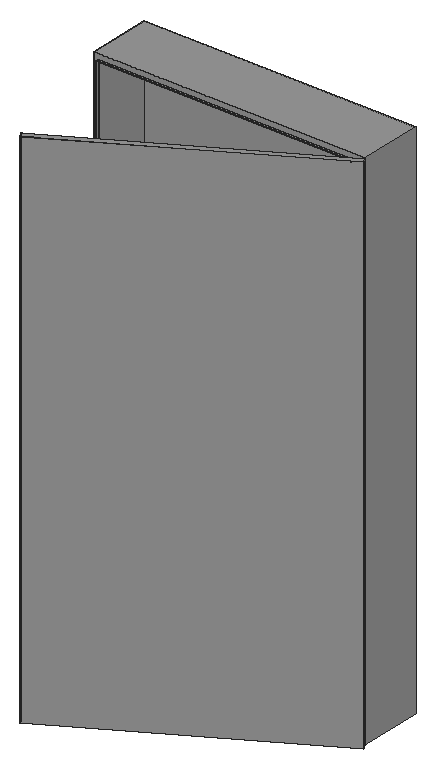
Revit family "Hager-Univers-IP44-D205-H1550-Cl.II-Encl-NoHosted-CH-fr", category Electrical Equipment, Revit 2020
Family settings
  Panel Configuration = Two Columns, Circuits Across
  Round Connector Dimension = Use Diameter
  Part Type = Panelboard
  Work Plane-Based = Yes
  Always vertical = Yes
  Cut with Voids When Loaded = No
  Shared = No
  Room Calculation Point = No
Parameters (values of type "saillie IP44 L800 H1550 P205  - FP03SN2")
  Width Control [instance] = if([EF000008 - largeur] > Min Width, [EF000008 - largeur], Min Width)  # 800 mm
  Type Comments = [HG000003 - Gamme]  # "Univers"
  Thickness Door [instance] = if([EF009171 - épaisseur de matériau de la porte/du couvercle] > 3 mm, 3 mm, [EF009171 - épaisseur de matériau de la porte/du couvercle])  # 1 mm
  Seal Frame Offset [instance] = 17 mm  # constant formula
  Plinth Visibility [instance] = [HG000027 - Hauteur du socle] > 0 mm  # no
  Min Width [instance] = 100 mm  # constant formula
  Min Depth [instance] = (2 * [EF009170 - épaisseur de matériau du boîtier]) + 1 mm  # 3 mm
  Min Height [instance] = 100 mm  # constant formula
  Internal Frame Depth [instance] = (Door System Depth * 0.5)  # 9 mm
  Panel Name [instance] = ""  # (empty or 0)
  Model = ""
  HG000027 - Hauteur du socle = 0 mm
  HG000026 - Installation au sol = no
  HG000024 - Hauteur de la section basse = 600 mm
  HG000023 - Armoire double section = no
  HG000016 - Visibilité de la porte 3D [instance] = yes
  HG000015 - Visibilité de l'emprise de la porte [instance] = no
  HG000014 - Porte à droite [instance] = yes
  HG000013 - Porte à gauche [instance] = not([HG000014 - Porte à droite])  # no
  HG000012 - Angle de pivotement de la porte [instance] = 30.00°
  HG000010 - Portes asymétriques = no
  HG000009 - Porte à double battant = no
  HG000006 - Encastré = no
  HG000004 - Référence fabricant = "FP03SN2"
  HG000003 - Gamme = "Univers"
  HG000002 - avec porte = yes
  Frame Offset Bottom [instance] = 10 mm  # constant formula
  Frame Offset [instance] = 15 mm  # constant formula
  EF015940 - couvercle avec décharge de pression = no
  EF011959 - degré de protection (NEMA) = ""
  EF009554 - nombre d'ouvertures pour plaques à bride = 6
  EF009212 - finition du couvercle = "EV000116 - fermé"
  EF009171 - épaisseur de matériau de la porte/du couvercle = 1 mm
  EF009170 - épaisseur de matériau du boîtier = 1 mm
  EF008873 - courant nominal (In) = 250 A
  EF007800 - adapté à un parafoudre = no
  EF006306 - avec serrure = no
  EF006244 - couvercle/porte transparent(e) = no
  EF005474 - indice de protection (IP) = "EV006418 - IP44"
  EF004464 - type de porte = "EV002646 - unique"
  EF004427 - nombre de modules = 360
  EF004293 - indice de protection contre les chocs (IK) = "EV006815 - IK09"
  EF003532 - convient pour utilisation à l’extérieur = no
  EF002950 - largeur en nombre de modules = 36
  EF001613 - maintien de fonction = "EV000494 - sans"
  EF001596 - matériau du boîtier/corps = "EV000179 - acier"
  EF001131 - profondeur intérieure = 143 mm
  EF001088 - possibilité de montage en saillie = yes
  EF000437 - nombre d'entrées de conduit = 6
  EF000339 - type de capot = "EV001012 - couvercle"
  EF000266 - nombre de rangées = 10
  EF000218 - profondeur d'encastrement = 205 mm
  EF000118 - avec cadre/support de montage = no
  EF000116 - numéro RAL = "9010"
  EF000049 - profondeur = 205 mm
  EF000040 - hauteur = 1550 mm
  EF000008 - largeur = 800 mm
  EF000007 - couleur = "EV000202 - blanc"
  EF000003 - mode de pose = "EV000384 - saillie"
  Door System Leaf Tolerance [instance] = 1.5 mm  # constant formula
  Door System Depth [instance] = 18 mm  # constant formula
  Door Height [instance] = Height Control - [HG000027 - Hauteur du socle]  # 1550 mm
  Description = ""
  Default Elevation = 1219.2 mm
  Connector Offset [instance] = Height Control / 2  # 775 mm
  Manufacturer = "Hager"  # constant formula
  Height Control [instance] = if([EF000040 - hauteur] > Min Height, [EF000040 - hauteur], Min Height)  # 1550 mm
  Depth Control [instance] = if([EF000049 - profondeur] > Min Depth, [EF000049 - profondeur], Min Depth)  # 205 mm
  Bottom Top Plate Trim [instance] = 1.5 mm  # constant formula
  Plinth height Ctrl [instance] = if([HG000027 - Hauteur du socle] > 0 mm, [HG000027 - Hauteur du socle], 12 mm)  # 12 mm
Types (5, lengths in mm): name | Width Control | HG000009 - Porte à double battant | HG000004 - Référence fabricant | EF009554 - nombre d'ouvertures pour plaques à bride | EF008873 - courant nominal (In) | EF004464 - type de porte | EF004427 - nombre de modules | EF002950 - largeur en nombre de modules | EF001131 - profondeur intérieure | EF000437 - nombre d'entrées de conduit | EF000008 - largeur
  saillie IP44 L1050 H1550 P205  - FP04SN2 | 1050 | yes | "FP04SN2" | 8 | 400 A | "EV003602 - double" | 480 | 48 | 143 | 8 | 1050
  saillie IP44 L1300 H1550 P205  - FP05SN2 | 1300 | yes | "FP05SN2" | 10 | 400 A | "EV003602 - double" | 600 | 60 | 143 | 10 | 1300
  saillie IP44 L300 H1550 P205  - FP01SN2 | 300 | no | "FP01SN2" | 2 | 250 A | "EV002646 - unique" | 120 | 12 | 130 | 2 | 300
  saillie IP44 L550 H1550 P205  - FP02SN2 | 550 | no | "FP02SN2" | 4 | 250 A | "EV002646 - unique" | 240 | 24 | 143 | 4 | 550
  saillie IP44 L800 H1550 P205  - FP03SN2 | 800 | no | "FP03SN2" | 6 | 250 A | "EV002646 - unique" | 360 | 36 | 143 | 6 | 800
Reference planes
  plane 1 "Center (Front/Back)": y = 0
  plane 2: z = 0
  plane 3 "Center (Left/Right)": x = 0
  plane 4: y = 0
  plane 5: y = 0
  plane 6: z = 0
  plane 7: x = -400
  plane 8: x = 400
  plane 9: x = 399
  plane 10: x = -399
  plane 11: z = 0
  plane 12: z = 1
  plane 13: y = -205
  plane 14: y = -1
  plane 15: x = 0
  plane 16: y = -187
  plane 17: y = -204
  plane 18: y = -186
  plane 19: x = -384
  plane 20: x = 384
  plane 21: z = 11
  plane 22: x = -383
  plane 23: x = 383
  plane 24: z = 0
  plane 25: z = 1550
  plane 26: z = 1550
  plane 27: z = 1534
  plane 28: z = 1549
Forms (mm)
  Extrusion 1, solid, material "Hager_Steel_RAL7035_Light_Grey", detail levels medium+fine
    sketch origin (-208.679, -4572, 0) x (-1, 0, 0) y (0, -1, 0)
      loop
        line (191.321, -4385) -> (-608.679, -4385) -> (-608.679, -4572) -> (191.321, -4572) -> (191.321, -4385)
    from 0 to 1550
  Extrusion 2, void
    sketch origin (-350.771, -205, 1219.2) x (1, 0, 0) y (0, 0, 1)
      loop
        line (-48.229, 329.8) -> (-48.229, -1218.2) -> (749.771, -1218.2) -> (749.771, 329.8) -> (-48.229, 329.8)
    from -19 to -204
  Extrusion 3, void
    sketch origin (-290.084, -187, 1219.2) x (1, 0, 0) y (0, 0, 1)
      loop
        line (-93.916, -1208.2) -> (674.084, -1208.2) -> (674.084, 314.8) -> (-93.916, 314.8) -> (-93.916, -1208.2)
    from 0 to -1
  Extrusion 4, solid, material "Hager_Steel_RAL7035_Light_Grey", visible <- "Plinth Visibility", detail levels medium+fine
    sketch origin (0, 0, 0) x (1, 0, 0) y (0, 1, 0)
      loop
        line (-400, 0) -> (-400, -187) -> (400, -187) -> (400, 0) -> (-400, 0)
    from 0 to 12 <- "Plinth height Ctrl"
  Extrusion 5, solid, material "Hager_Steel_RAL7035_Light_Grey", detail levels coarse
    sketch origin (0, 0, 0) x (1, 0, 0) y (0, 1, 0)
      loop
        line (-400, 0) -> (-400, -205) -> (400, -205) -> (400, 0) -> (-400, 0)
    from 0 to 1550 <- "Height Control"
  Sweep 6, void
    path in 3D
      loop
        line (-400, -187, 12) -> (400, -187, 12) -> (400, 0, 12) -> (-400, 0, 12) -> (-400, -187, 12)
    profile origin (-400, -93.5, 12) x (1, 0, 0) y (0, 0, 1)
      loop
        line (0, 0) -> (0, -1.5) -> (1.5, -1.5)
        arc (1.5, -1.5) -> (1.061, -0.439) -> (0, 0) r 1.5
  Extrusion 7, solid, material "Hager_Steel_RAL7035_Light_Grey", detail levels fine
    sketch origin (-400, -187, 0) x (1, 0, 0) y (0, 0, 1)
      loop
        line (16, 11) -> (784, 11) -> (784, 1534) -> (16, 1534) -> (16, 11)
      loop
        line (15, 10) -> (785, 10) -> (785, 1535) -> (15, 1535) -> (15, 10)
    from 0 to 9 <- "Internal Frame Depth"
Cuts and joins
  Extrusion 2, Extrusion 3 cuts Extrusion 1
  Sweep 6 cuts Extrusion 4
Lines and regions (mm)
  Masking region 1
    outline origin (0, 0, 0) x (1, 0, 0) y (0, 1, 0)
      loop
        line (-400, 0) -> (-400, -205) -> (400, -205) -> (400, 0) -> (-400, 0)
  Masking region 2, detail levels coarse
    outline origin (-290.084, -187, 1219.2) x (-1, 0, 0) y (0, 0, 1)
      loop
        line (-690.084, -1219.2) -> (109.916, -1219.2) -> (109.916, 330.8) -> (-690.084, 330.8) -> (-690.084, -1219.2)
  Masking region 3, detail levels coarse
    outline origin (0, 0, 0) x (0, 1, 0) y (0, 0, 1)
      loop
        line (0, 0) -> (0, 1550) -> (-205, 1550) -> (-205, 0) -> (0, 0)
  Masking region 4, visible <- "Plinth Visibility", detail levels medium+fine
    outline origin (0, 0, 0) x (0, 1, 0) y (0, 0, 1)
      loop
        line (-1.5, 12) -> (-185.5, 12)
        arc (-185.5, 12) -> (-185.939, 10.939) -> (-187, 10.5) r 1.5
        line (-187, 10.5) -> (-187, 0) -> (0, 0) -> (0, 10.5)
        arc (0, 10.5) -> (-1.061, 10.939) -> (-1.5, 12) r 1.5
  Masking region 5, detail levels medium+fine
    outline origin (0, 0, 594.038) x (0, 1, 0) y (0, 0, 1)
      loop
        line (0, -594.038) -> (0, 955.962) -> (-187, 955.962) -> (-187, -594.038) -> (0, -594.038)
  Masking region 6, detail levels medium+fine
    outline origin (-359.7, -187, 1211.883) x (-1, 0, 0) y (0, 0, 1)
      loop
        line (-759.7, -1211.883) -> (40.3, -1211.883) -> (40.3, 338.117) -> (-759.7, 338.117) -> (-759.7, -1211.883)
  Masking region 7, visible <- "Plinth Visibility", detail levels medium+fine
    outline origin (-320.334, -187, 1041.368) x (-1, 0, 0) y (0, 0, 1)
      loop
        line (-720.334, -1041.368) -> (79.666, -1041.368) -> (79.666, -1030.868)
        arc (79.666, -1030.868) -> (78.606, -1030.429) -> (78.166, -1029.368) r 1.5
        line (78.166, -1029.368) -> (-718.834, -1029.368)
        arc (-718.834, -1029.368) -> (-719.273, -1030.429) -> (-720.334, -1030.868) r 1.5
        line (-720.334, -1030.868) -> (-720.334, -1041.368)
  sketch lines
    curve 1: line (-400, 0, 12) -> (-400, -187, 12)
    curve 2: line (-400, -187, 12) -> (400, -187, 12)
    curve 3: line (400, 0, 12) -> (-400, 0, 12)
    curve 4: line (400, -187, 12) -> (400, 0, 12)
Dimensions and locks
  locked: plane 1 "Center (Front/Back)" to plane 5
  "EF009170 - épaisseur de matériau du boîtier": plane 7 to plane 10
  "EF009170 - épaisseur de matériau du boîtier": plane 8 to plane 9
  equal spacing: plane 7, plane 3 "Center (Left/Right)", plane 8
  "Width Control": plane 7 to plane 8
  "Depth Control": plane 4 to plane 13
  "EF009170 - épaisseur de matériau du boîtier": plane 4 to plane 14
  "Height Control": plane 25 to level
  "HG000027 - Hauteur du socle": plane 11 to level
  "EF009170 - épaisseur de matériau du boîtier": plane 12 to plane 11
  "EF009170 - épaisseur de matériau du boîtier": plane 17 to plane 13
  "EF009170 - épaisseur de matériau du boîtier": plane 18 to plane 16
  "Frame Offset Bottom": plane 21 to plane 12
  "Frame Offset": plane 10 to plane 19
  "Frame Offset": plane 9 to plane 20
  "Door System Depth": plane 16 to plane 13
  "Seal Frame Offset": plane 7 to plane 22
  "Seal Frame Offset": plane 8 to plane 23
  "EF009170 - épaisseur de matériau du boîtier": plane 26 to plane 28
  "Frame Offset": plane 28 to plane 27
  "Connector Offset": plane 2 to connector elem
  "Bottom Top Plate Trim": profile plane to Sweep 6 sketch curve
  "Bottom Top Plate Trim": Sweep 6 sketch curve to Sweep 6 sketch curve
  "Plinth height Ctrl": Masking region 4 sketch curve to level
  "Plinth height Ctrl": Masking region 7 sketch curve to level
  "Thickness Door": Extrusion 7 sketch curve to Extrusion 7 sketch curve  (x4)
  "Bottom Top Plate Trim": radius of Sweep 6 sketch curve
  "Bottom Top Plate Trim": radius of Masking region 4 sketch curve  (x2)
  "Bottom Top Plate Trim": radius of Masking region 7 sketch curve  (x2)
  aligned and locked: Extrusion 2 sketch curve to plane 12
  aligned and locked: Extrusion 2 sketch curve to plane 9
  aligned and locked: Extrusion 2 sketch curve to plane 10
  aligned and locked: Extrusion 2 to plane 14
  aligned and locked: Extrusion 1 sketch curve to plane 4
  aligned and locked: plane 8 to Extrusion 1 sketch curve
  aligned and locked: plane 7 to Extrusion 1 sketch curve
  aligned and locked: Extrusion 2 to plane 18
  aligned and locked: Extrusion 3 sketch curve to plane 19
  aligned and locked: plane 20 to Extrusion 3 sketch curve
  aligned and locked: Extrusion 3 to Extrusion 2
  aligned and locked: Extrusion 3 sketch curve to plane 21
  aligned and locked: plane 3 "Center (Left/Right)" to nested 1
  aligned and locked: Extrusion 1 sketch curve to plane 16
  aligned and locked: Extrusion 4 sketch curve to cut or joined group of Extrusion 1, Extrusion 2, Extrusion 3
  aligned and locked: Masking region 1 sketch curve to plane 7
  aligned and locked: Masking region 1 sketch curve to plane 5
  aligned and locked: Masking region 1 sketch curve to plane 8
  aligned and locked: Masking region 2 sketch curve to level
  aligned and locked: level to Masking region 3 sketch curve
  aligned and locked: plane 1 "Center (Front/Back)" to Masking region 3 sketch curve
  aligned and locked: plane 13 to Masking region 3 sketch curve
  aligned and locked: plane 5 to Masking region 4 sketch curve
  aligned and locked: Masking region 2 sketch curve to plane 8
  aligned and locked: Masking region 2 sketch curve to plane 7
  aligned and locked: plane 7 to nested 2
  aligned and locked: nested 2 to plane 5
  aligned and locked: plane 5 to Masking region 5 sketch curve
  aligned and locked: plane 26 to Masking region 5 sketch curve
  aligned and locked: Extrusion 5 sketch curve to plane 8
  aligned and locked: Extrusion 5 sketch curve to plane 7
  aligned and locked: Extrusion 5 sketch curve to plane 5
  aligned and locked: Extrusion 3 sketch curve to plane 27
  aligned and locked: Extrusion 2 sketch curve to plane 28
  aligned and locked: Masking region 2 to plane 25
  aligned and locked: Extrusion 4 to plane 16
  aligned and locked: profile plane to Sweep 6 sketch curve
  aligned and locked: Masking region 5 sketch curve to plane 24
  aligned and locked: level to Masking region 4 sketch curve
  aligned and locked: Masking region 1 to plane 13
  aligned and locked: nested 1 to plane 16
  aligned and locked: Masking region 3 to plane 25
  aligned and locked: plane 16 to Masking region 4 sketch curve
  aligned and locked: Masking region 5 sketch curve to plane 16
  aligned and locked: plane 24 to plane 11
  aligned and locked: plane 26 to plane 25
  aligned and locked: plane 26 to cut or joined group of Extrusion 1, Extrusion 2, Extrusion 3
  aligned and locked: nested 1 to plane 24
  aligned and locked: Extrusion 1 to Extrusion 3
  aligned and locked: Masking region 6 sketch curve to plane 8
  aligned and locked: Masking region 6 sketch curve to plane 24
  aligned and locked: Masking region 6 sketch curve to plane 7
  aligned and locked: Masking region 6 sketch curve to plane 26
  aligned and locked: Masking region 7 sketch curve to plane 7
  aligned and locked: level to Masking region 7 sketch curve
  aligned and locked: Masking region 7 sketch curve to plane 8
  aligned and locked: Extrusion 7 sketch curve to cut or joined group of Extrusion 1, Extrusion 2, Extrusion 3  (x4)
Automatic sketch dimensions
  plane 19 to Extrusion 3 sketch curve = 0 mm
  Extrusion 3 sketch curve to plane 20 = 0 mm
  Extrusion 3 sketch curve to plane 21 = 0 mm
  Extrusion 4 sketch curve to plane 7 = 0 mm
  Extrusion 4 sketch curve to plane 8 = 0 mm
  Extrusion 4 sketch curve to plane 16 = 0 mm
  Masking region 1 sketch curve to plane 13 = 0 mm
  Masking region 2 sketch curve to plane 25 = 0 mm
  Masking region 3 sketch curve to plane 25 = 0 mm
  Extrusion 5 sketch curve to plane 13 = 0 mm
  profile plane to Sweep 6 sketch curve = 0 mm
Nested families
  nested 1: "EC000058_Univers_Door" at (0, -187, 0), Double <- "HG000009 - Porte à double battant", Transparent <- "EF006244 - couvercle/porte transparent(e)", Angle <- "HG000012 - Angle de pivotement de la porte", Door_Right <- "HG000014 - Porte à droite", Assymetrical <- "HG000010 - Portes asymétriques", Door <- "HG000002 - avec porte", Width_Ctrl <- "Width Control", 3d_Door <- "HG000016 - Visibilité de la porte 3D", Clearance <- "HG000015 - Visibilité de l'emprise de la porte", Door_Left <- "HG000013 - Porte à gauche", Width <- "Width Control", Door_Depth <- "Door System Depth", Leaf_Tolerance <- "Door System Leaf Tolerance", Height <- "Door Height", Lock_Visibility <- "EF006306 - avec serrure", Thickness <- "Thickness Door", type "EC000058_Univers_Door", detail levels medium+fine
    with min_wh 3 mm, Width_Ctrl 800 mm, Width 800 mm, Transparent no, Thickness 1 mm, Seal_Material Hager_Rubber, Lock_Visibility no, Lock_Material Hager_Plastic_RAL9005_Jet_Black, Leaf_Width 800 mm, Leaf_Tolerance_External_Sides 0 mm, Leaf_Tolerance 1.5 mm, Leaf_Offset 0 mm, Leaf_Height 1547 mm, Leaf_2_Width 800 mm, Leaf_2_Offset 400 mm, Leaf_1_Width 800 mm, Leaf_1_Offset 400 mm, Height_Ctrl 1550 mm, Height 1550 mm, Glass_Material Hager_Glass, Double_Clearance_Ctrl no, Double no, Door_Right_Ctrl yes, Door_Right yes, Door_Material Hager_Steel_RAL7035_Light_Grey, Door_Left_Ctrl no, Door_Left no, Door_Depth 18 mm, Door yes, Clearance_Material Hager_Clearance, Clearance_Depth 800 mm, Clearance_Ctrl no, Clearance no, Assymetrical no, Angle 30.00°, 3d_Door yes
  nested 2: "Hager_Enclosure_Symbol" at (-400, 0, 0), Height <- "Depth Control", Width <- "Width Control", type "Hager_Enclosure_Symbol"
    with Width_Ctrl 800 mm, Width 800 mm, Height_Ctrl 205 mm, Height 205 mm, A_Width_Int 13.453 mm, A_Width 161.438 mm, A_Height_Ctrl 179.375 mm, A_Height 179.375 mm
Connectors
  electrical at (0, 0, 775)
    settings: on plane 1 "Center (Front/Back)", index 1, voltage 0 V, apparent load 0 VA, apparent load phase1 0 VA, apparent load phase2 0 VA, apparent load phase3 0 VA, power factor 1, load classification "Other", number of poles 1, system type 30, power factor state 1, is connector primary yes, connector utility no, sub classification motor no, connector description ""
Definition of nested family "EC000058_Univers_Door"
  Parameters (values of type "EC000058_Univers_Door")
    min_wh [instance] = (2 * Thickness) + 1 mm  # 11 mm
    Width_Ctrl [instance] = 400 mm
    Width [instance] = 500 mm
    Transparent [instance] = yes
    Thickness [instance] = 5 mm
    Seal_Material [instance] = none
    Lock_Visibility [instance] = yes
    Lock_Material [instance] = none
    Leaf_Width [instance] = if((Width_Ctrl - 2 * Leaf_Tolerance_External_Sides) > 0 mm, (Width_Ctrl - 2 * Leaf_Tolerance_External_Sides), min_wh)  # 400 mm
    Leaf_Tolerance_External_Sides [instance] = 0 mm  # constant formula
    Leaf_Tolerance [instance] = 1.5 mm
    Leaf_Offset [instance] = 0 mm  # constant formula
    Leaf_Height [instance] = if((Height_Ctrl - 2 * Leaf_Tolerance) > 0 mm, (Height_Ctrl - 2 * Leaf_Tolerance), min_wh)  # 497 mm
    Leaf_2_Width [instance] = if(and(and(Double, Assymetrical), Door_Left), (Leaf_Width / 3) - (Leaf_Tolerance / 2), if(and(and(Double, Assymetrical), Door_Right), (Leaf_Width / 3) * 2 - (Leaf_Tolerance / 2), if(and(Double, not(Assymetrical)), (Leaf_Width / 2) - Leaf_Tolerance, Leaf_Width)))  # 400 mm
    Leaf_2_Offset [instance] = if(and(Double, Assymetrical), Leaf_2_Width / 2, if(and(Double, not(Assymetrical)), Leaf_Width / 4, Leaf_Width / 2))  # 200 mm
    Leaf_1_Width [instance] = if(and(and(Double, Assymetrical), Door_Right), (Leaf_Width / 3) - (Leaf_Tolerance / 2), if(and(and(Double, Assymetrical), Door_Left), (Width / 3) * 2 - (Leaf_Tolerance / 2), if(and(Double, not(Assymetrical)), (Leaf_Width / 2) - Leaf_Tolerance, Leaf_Width)))  # 400 mm
    Leaf_1_Offset [instance] = if(and(Double, Assymetrical), Leaf_1_Width / 2, if(and(Double, not(Assymetrical)), Leaf_Width / 4, Leaf_Width / 2))  # 200 mm
    Height_Ctrl [instance] = if(Height > min_wh, Height, min_wh)  # 500 mm
    Height [instance] = 500 mm
    Glass_Material [instance] = none
    Double_Clearance_Ctrl [instance] = and(Double, Clearance)  # no
    Double [instance] = no
    Door_Right_Ctrl [instance] = and(or(Door_Right, Double), Door)  # yes
    Door_Right [instance] = yes
    Door_Material [instance] = none
    Door_Left_Ctrl [instance] = and(or(Door_Left, Double), Door)  # no
    Door_Left [instance] = no
    Door_Depth [instance] = 30 mm
    Door [instance] = yes
    Default Elevation = 1219.2 mm
    Clearance_Material [instance] = none
    Clearance_Depth [instance] = if(Leaf_1_Width > Leaf_2_Width, Leaf_1_Width, Leaf_2_Width)  # 400 mm
    Clearance_Ctrl [instance] = and(not(Double), Clearance)  # yes
    Clearance [instance] = yes
    Assymetrical [instance] = yes
    Angle [instance] = 30.00°
    3d_Door [instance] = yes
  Reference planes
    plane 1 "Center (Front/Back)": y = 0
    plane 2 "Bottom": z = 0
    plane 3 "Center (Left/Right)": x = 0
    plane 4: z = 500
    plane 5: x = -200
    plane 6: x = 200
    plane 7: z = 500
    plane 8: x = -200
    plane 9: z = 0
    plane 10: x = 200
    plane 11: y = 0
    plane 12: z = 1.5
    plane 13: x = -600
    plane 14: y = -400
    plane 15: x = 600
    plane 16: x = 0
    plane 17: x = 0
    plane 18: x = -200
    plane 19: x = 200
    plane 20: z = 498.5
  Forms (mm)
    Extrusion 1, solid, material <- "Clearance_Material", visible <- "Double_Clearance_Ctrl"
      sketch origin (1200, 0, 0) x (1, 0, 0) y (0, 0, -1)
        loop
          line (-1800, -498.5) -> (-600, -498.5) -> (-600, 0) -> (-1800, 0) -> (-1800, -498.5)
      from 0 to -400
  Dimensions and locks
    equal spacing: plane 5, plane 3 "Center (Left/Right)", plane 6
    "Width_Ctrl": plane 5 to plane 6
    "Leaf_Offset": plane 5 to plane 8
    "Leaf_Offset": plane 6 to plane 10
    "Leaf_Offset": plane 9 to level
    "Leaf_Offset": plane 4 to plane 7
    "Height_Ctrl": plane 4 to level
    "Leaf_Tolerance": plane 12 to plane 9
    locked: plane 11 to plane 1 "Center (Front/Back)"
    "Leaf_1_Offset": plane 18 to plane 16
    "Leaf_2_Offset": plane 17 to plane 19
    "Leaf_1_Width": plane 13 to plane 8
    "Leaf_2_Width": plane 10 to plane 15
    "Clearance_Depth": plane 14 to plane 1 "Center (Front/Back)"
    "Leaf_Tolerance_External_Sides": plane 8 to plane 18
    "Leaf_Tolerance_External_Sides": plane 19 to plane 10
    "Leaf_Tolerance": plane 7 to plane 20
    aligned and locked: level to plane 2 "Bottom"
    aligned and locked: nested 1 to plane 16
    aligned and locked: nested 2 to plane 17
    aligned and locked: Extrusion 1 to plane 13
    aligned and locked: plane 15 to Extrusion 1
    aligned and locked: Extrusion 1 to plane 14
    aligned and locked: plane 12 to nested 1
    aligned and locked: nested 2 to plane 12
    aligned and locked: Extrusion 1 to plane 11
    aligned and locked: plane 20 to Extrusion 1
    aligned and locked: nested 2 to plane 11
    aligned and locked: nested 1 to plane 11
  Automatic sketch dimensions
    Extrusion 1 sketch curve to level = 0 mm
    plane 5 to Extrusion 1 sketch curve = 400 mm
    plane 6 to Extrusion 1 sketch curve = 400 mm
    Extrusion 1 sketch curve to plane 4 = 1.5 mm
  Nested families
    nested 1: "EC000058_Univers_Door_Leaf" at (0, 0, 1.5), Width <- "Leaf_1_Width", visible <- "Door_Left_Ctrl", Leaf_Height <- "Leaf_Height", Angle <- "Angle", 3d_Door <- "3d_Door", Transparent <- "Transparent", Clearance Material <- "Clearance_Material", Clearance <- "Clearance_Ctrl", Door_Material <- "Door_Material", Glass_Material <- "Glass_Material", Door_Depth <- "Door_Depth", Lock_Material <- "Lock_Material", Seal_Material <- "Seal_Material", Lock_Visibility <- "Lock_Visibility", Thickness <- "Thickness", type "EC000058_Univers_Door_Leaf"
      with Width 400 mm, Transparent_Glass_Offset 30 mm, Transparent_Ctrl yes, Transparent yes, Thickness 5 mm, Standard no, Seal_Material none, Seal_D2 8 mm, Seal_D1 1 mm, Offset_Internal_Frame 10 mm, Lock_Width 20 mm, Lock_Visibility_3d yes, Lock_Visibility yes, Lock_Thickness_3 3 mm, Lock_Thickness_2 1 mm, Lock_Thickness_1 3 mm, Lock_Radius_Offset_2 16 mm, Lock_Radius_Offset_1 15 mm, Lock_Radius_2 5 mm, Lock_Radius 6 mm, Lock_Offset 5 mm, Lock_Material none, Lock_Height 80 mm, Lock_Cover_Top_Offset_2d 17 mm, Lock_Cover_Height -65 mm, Leaf_Height 497 mm, Internal_Seal_Thickness 8 mm, Internal_Seal_Depth_2 4.5 mm, Internal_Frame_Depth 25 mm, Glass_Thickness -1 mm, Glass_Offset -2 mm, Glass_Material none, Door_Material none, Door_Depth 30 mm, Clearance Material none, Clearance yes, Angle_Ctrl 30.00°, Angle 30.00°, 3d_Door yes
    nested 2: "EC000058_Univers_Door_Leaf" at (0, 0, 1.5) x (-1, 0, 0) z (0, 0, 1), Width <- "Leaf_2_Width", visible <- "Door_Right_Ctrl", Leaf_Height <- "Leaf_Height", Angle <- "Angle", 3d_Door <- "3d_Door", Transparent <- "Transparent", Clearance Material <- "Clearance_Material", Clearance <- "Clearance_Ctrl", Door_Material <- "Door_Material", Glass_Material <- "Glass_Material", Door_Depth <- "Door_Depth", Lock_Material <- "Lock_Material", Seal_Material <- "Seal_Material", Lock_Visibility <- "Lock_Visibility", Thickness <- "Thickness", type "EC000058_Univers_Door_Leaf"
      with Width 400 mm, Transparent_Glass_Offset 30 mm, Transparent_Ctrl yes, Transparent yes, Thickness 5 mm, Standard no, Seal_Material none, Seal_D2 8 mm, Seal_D1 1 mm, Offset_Internal_Frame 10 mm, Lock_Width 20 mm, Lock_Visibility_3d yes, Lock_Visibility yes, Lock_Thickness_3 3 mm, Lock_Thickness_2 1 mm, Lock_Thickness_1 3 mm, Lock_Radius_Offset_2 16 mm, Lock_Radius_Offset_1 15 mm, Lock_Radius_2 5 mm, Lock_Radius 6 mm, Lock_Offset 5 mm, Lock_Material none, Lock_Height 80 mm, Lock_Cover_Top_Offset_2d 17 mm, Lock_Cover_Height -65 mm, Leaf_Height 497 mm, Internal_Seal_Thickness 8 mm, Internal_Seal_Depth_2 4.5 mm, Internal_Frame_Depth 25 mm, Glass_Thickness -1 mm, Glass_Offset -2 mm, Glass_Material none, Door_Material none, Door_Depth 30 mm, Clearance Material none, Clearance yes, Angle_Ctrl 30.00°, Angle 30.00°, 3d_Door yes
  Definition of nested family "EC000058_Univers_Door_Leaf"
    Parameters (values of type "EC000058_Univers_Door_Leaf")
      Width [instance] = 2000 mm
      Transparent_Glass_Offset [instance] = 30 mm
      Transparent_Ctrl [instance] = and(Transparent, [3d_Door])  # yes
      Transparent [instance] = yes
      Thickness [instance] = 5 mm
      Standard [instance] = and(not(Transparent), [3d_Door])  # no
      Seal_Material [instance] = none
      Seal_D2 [instance] = 8 mm  # constant formula
      Seal_D1 [instance] = 1 mm  # constant formula
      Offset_Internal_Frame [instance] = 10 mm  # constant formula
      Lock_Width [instance] = 20 mm  # constant formula
      Lock_Visibility_3d [instance] = and(Lock_Visibility, [3d_Door])  # yes
      Lock_Visibility [instance] = yes
      Lock_Thickness_3 [instance] = 3 mm  # constant formula
      Lock_Thickness_2 [instance] = 1 mm  # constant formula
      Lock_Thickness_1 [instance] = 3 mm  # constant formula
      Lock_Radius_Offset_2 [instance] = Lock_Radius_Offset_1 + 1 mm  # 16 mm
      Lock_Radius_Offset_1 [instance] = 15 mm  # constant formula
      Lock_Radius_2 [instance] = Lock_Radius - 1 mm  # 5 mm
      Lock_Radius [instance] = 6 mm  # constant formula
      Lock_Offset [instance] = 5 mm  # constant formula
      Lock_Material [instance] = none
      Lock_Height [instance] = 80 mm  # constant formula
      Lock_Cover_Top_Offset_2d [instance] = Lock_Radius_Offset_2 + 1 mm  # 17 mm
      Lock_Cover_Height [instance] = -(Lock_Height - Lock_Radius_Offset_1)  # -65 mm
      Leaf_Height [instance] = 2720.336 mm
      Internal_Seal_Thickness [instance] = 8 mm  # constant formula
      Internal_Seal_Depth_2 [instance] = 4.5 mm  # constant formula
      Internal_Frame_Depth [instance] = if(Door_Depth - Thickness > 5 mm, Door_Depth - Thickness, 5 mm)  # 25 mm
      Glass_Thickness [instance] = if(Thickness > 15 mm, Glass_Offset + 10 mm, -1 mm)  # -1 mm
      Glass_Offset [instance] = if(Thickness > 15 mm, -(Thickness + 10 mm) / 2, -2 mm)  # -2 mm
      Glass_Material [instance] = none
      Door_Material [instance] = none
      Door_Depth [instance] = 30 mm
      Default Elevation = 0 mm
      Clearance Material [instance] = none
      Clearance [instance] = yes
      Angle_Ctrl [instance] = if(Angle > 180.00°, 180.00°, Angle)  # 90.00°
      Angle [instance] = 90.00°
      3d_Door [instance] = yes
    Reference planes
      plane 1 "Center (Front/Back)": y = 0
      plane 2: z = 0
      plane 3 "Center (Left/Right)": x = 0
      plane 4: y = 2000
      plane 5: x = -1000
      plane 6: x = 1000
      plane 7: x = -3000
      plane 8: z = 2720.336
      plane 9: z = 30
      plane 10: z = 2690.336
      plane 11: x = 970
      plane 12: x = -970
      plane 13: y = -3
      plane 14: z = 107.833
      plane 15: y = -5
      plane 16: y = -223.314
      plane 17: x = -1000
      plane 18: z = 1360.168
      plane 19: y = 30
    Forms (mm)
      Extrusion 1, solid, material <- "Clearance Material", visible <- "Clearance"
        sketch origin (0, 0, 0) x (1, 0, 0) y (0, 0, 1)
          loop
            line (-3000, 2720.336) -> (-3000, 0) -> (1000, 0) -> (1000, 2720.336) -> (-3000, 2720.336)
        from 0 to -2000
      Extrusion 2, solid, material <- "Door_Material", visible <- "Standard", detail levels medium+fine
        sketch origin (-1000, 0, 0) x (0, 1, 0) y (-1, 0, 0)
          loop
            line (0, 30) -> (0, 25) -> (2000, 25) -> (2000, 30) -> (0, 30)
        from 0 to 2720.336 <- "Leaf_Height"
      Extrusion 3, solid, material <- "Door_Material", visible <- "Transparent_Ctrl", detail levels medium+fine
        sketch origin (-1000, 0, 0) x (0, 1, 0) y (-1, 0, 0)
          loop
            line (0, 25) -> (2000, 25) -> (2000, 30) -> (0, 30) -> (0, 25)
        from 0 to 2720.336 <- "Leaf_Height"
      Extrusion 4, void
        sketch origin (-1025, 2000, 0) x (0, 1, 0) y (0, 0, -1)
          loop
            line (-30, -2690.336) -> (-30, -30) -> (-1970, -30) -> (-1970, -2690.336) -> (-30, -2690.336)
        from 0 to 5 <- "Thickness"
      Sweep 5, solid, material <- "Seal_Material", visible <- "Transparent_Ctrl", detail levels fine
        path in 3D
          loop
            line (-1025, 30, 30) -> (-1025, 30, 2690.336) -> (-1025, 1970, 2690.336) -> (-1025, 1970, 30) -> (-1025, 30, 30)
        profile origin (-1025, 1000, 30) x (1, 0, 0) y (0, 0, 1)
          loop
            line (0, 0) -> (0, -8) -> (1, -8) -> (1, 0) -> (0, 0)
      Extrusion 6, solid, material <- "Glass_Material", visible <- "Transparent_Ctrl", detail levels medium+fine
        sketch origin (-1030, 0, 0) x (0, 1, 0) y (0, 0, -1)
          loop
            line (1970, -2690.336) -> (1970, -30) -> (30, -30) -> (30, -2690.336) -> (1970, -2690.336)
        from -2 <- "Glass_Offset" to -1 <- "Glass_Thickness"
      Extrusion 7, solid, material <- "Door_Material", visible <- "3d_Door", detail levels medium+fine
        sketch origin (-1025, 2000, 0) x (0, -1, 0) y (0, 0, -1)
          loop
            line (0, -2720.336) -> (2000, -2720.336) -> (2000, 0) -> (0, 0) -> (0, -2720.336)
          loop
            line (1995, -5) -> (5, -5) -> (5, -2715.336) -> (1995, -2715.336) -> (1995, -5)
        from 0 to 25 <- "Internal_Frame_Depth"
      Sweep 8, solid, material <- "Seal_Material", visible <- "Transparent_Ctrl", detail levels fine
        path in 3D
          loop
            line (-1025, 0, 0) -> (-1025, 2000, 0) -> (-1025, 2000, 2720.336) -> (-1025, 0, 2720.336) -> (-1025, 0, 0)
        profile origin (-1025, 0, 1360.168) x (1, 0, 0) y (0, 1, 0)
          loop
            line (0, 10) -> (2.975, 10)
            arc (2.975, 10) -> (4.053, 10.447) -> (4.5, 11.525) r 1.525
            line (4.5, 11.525) -> (4.5, 16.527)
            arc (4.5, 16.527) -> (4.069, 17.569) -> (3.027, 18) r 1.473
            line (3.027, 18) -> (0, 18) -> (0, 10)
      Extrusion 9, solid, material <- "Lock_Material", visible <- "Lock_Visibility_3d", detail levels fine
        sketch origin (-1030, 0, 0) x (0, 1, 0) y (0, 0, -1)
          loop
            arc (1993.5, -1400.168) -> (1994.561, -1399.729) -> (1995, -1398.668) r 1.5
            line (1995, -1398.668) -> (1995, -1320.168) -> (1975, -1320.168) -> (1975, -1398.668)
            arc (1975, -1398.668) -> (1975.439, -1399.729) -> (1976.5, -1400.168) r 1.5
            line (1976.5, -1400.168) -> (1993.5, -1400.168)
        from 3 <- "Lock_Thickness_1" to 0
      Blend 10, solid, material <- "Lock_Material", visible <- "Lock_Visibility_3d", detail levels fine
        base sketch origin (-1033, 0, 0) x (0, 1, 0) y (0, 0, -1)
          loop
            line (1975, -1320.168) -> (1975, -1398.668)
            arc (1975, -1398.668) -> (1975.439, -1399.729) -> (1976.5, -1400.168) r 1.5
            line (1976.5, -1400.168) -> (1993.5, -1400.168)
            arc (1993.5, -1400.168) -> (1994.561, -1399.729) -> (1995, -1398.668) r 1.5
            line (1995, -1398.668) -> (1995, -1320.168) -> (1975, -1320.168)
        top sketch origin (-1033, 0, 0) x (0, 1, 0) y (0, 0, -1)
          loop
            line (1976, -1320.168) -> (1976, -1398.668)
            arc (1976, -1398.668) -> (1976.146, -1399.022) -> (1976.5, -1399.168) r 0.5
            line (1976.5, -1399.168) -> (1993.5, -1399.168)
            arc (1993.5, -1399.168) -> (1993.854, -1399.022) -> (1994, -1398.668) r 0.5
            line (1994, -1398.668) -> (1994, -1320.168) -> (1976, -1320.168)
        from 0 to 1 <- "Lock_Thickness_2"
      Blend 11, solid, material <- "Lock_Material", visible <- "Lock_Visibility_3d", detail levels fine
        base sketch origin (-1034, 0, 0) x (0, 1, 0) y (0, 0, -1)
          loop
            line (1978, -1320.168) -> (1978, -1384.168)
            arc (1978, -1384.168) -> (1985, -1391.168) -> (1992, -1384.168) r 7
            line (1992, -1384.168) -> (1992, -1320.168) -> (1978, -1320.168)
        top sketch origin (-1034, 0, 0) x (0, 1, 0) y (0, 0, -1)
          loop
            line (1991, -1320.168) -> (1979, -1320.168) -> (1979, -1383.168)
            arc (1979, -1383.168) -> (1985, -1389.168) -> (1991, -1383.168) r 6
            line (1991, -1383.168) -> (1991, -1320.168)
        from 0 to 3 <- "Lock_Thickness_3"
      Extrusion 12, solid, material <- "Lock_Material", visible <- "Lock_Visibility_3d", detail levels fine
        sketch origin (-1030, 1975, 1320.168) x (1, 0, 0) y (0, -1, 0)
          loop
            line (-7, -19) -> (-7, -1) -> (0, -1) -> (0, 0) -> (-8, 0) -> (-8, -20) -> (0, -20) -> (0, -19) -> (-7, -19)
        from 0 to -65 <- "Lock_Cover_Height"
      Extrusion 13, void
        sketch origin (-1038, 1995, 1320.168) x (-1, 0, 0) y (0, 0, -1)
          loop
            line (-5, -65) -> (0, -65) -> (-5, -60) -> (-5, -65)
        from 0 to 20 <- "Lock_Width"
      Extrusion 14, void
        sketch origin (-1038, 1975, 1320.168) x (0, -1, 0) y (0, 0, -1)
          loop
            circle (-10, -15.995) r 6
          loop
            circle (-10, -15.995) r 5
        from 0 to 2
      Extrusion 15, solid, material <- "Lock_Material", visible <- "Lock_Visibility_3d", detail levels medium
        sketch origin (-1030, 0, 0) x (0, 1, 0) y (0, 0, -1)
          loop
            arc (1993.5, -1400.168) -> (1994.561, -1399.729) -> (1995, -1398.668) r 1.5
            line (1995, -1398.668) -> (1995, -1320.168) -> (1975, -1320.168) -> (1975, -1398.668)
            arc (1975, -1398.668) -> (1975.439, -1399.729) -> (1976.5, -1400.168) r 1.5
            line (1976.5, -1400.168) -> (1993.5, -1400.168)
        from 8 to 0
    Cuts and joins
      Extrusion 4 cuts Extrusion 3
      Extrusion 13, Extrusion 14 cuts Extrusion 9
      Extrusion 14 cuts Blend 11
      Extrusion 13, Extrusion 14 cuts Extrusion 12
      joined: Extrusion 9, Blend 10, Blend 11, Extrusion 12
      Extrusion 14 cuts Extrusion 15
    Lines and regions (mm)
      Masking region 1, visible <- "Lock_Visibility", detail levels fine
        outline origin (0, 0, 0) x (0, 1, 0) y (0, 0, 1)
          loop
            line (30, 1320.168) -> (33, 1320.168) -> (33, 1400.168) -> (30, 1400.168) -> (30, 1320.168)
      Masking region 2, visible <- "Lock_Visibility", detail levels fine
        outline origin (0, 3.143, 0) x (0, 1, 0) y (0, 0, 1)
          loop
            line (29.857, 1354.168) -> (30.857, 1354.168) -> (30.857, 1366.168) -> (29.857, 1366.168) -> (29.857, 1354.168)
      Masking region 3, detail levels medium+fine
        outline origin (0, 0, 0) x (0, 1, 0) y (0, 0, 1)
          loop
            line (0, 0) -> (30, 0) -> (30, 2720.336) -> (0, 2720.336) -> (0, 0)
      Masking region 4, detail levels medium+fine
        outline origin (0, 0, 0) x (1, 0, 0) y (0, 0, 1)
          loop
            line (-1000, 2720.336) -> (-1000, 0) -> (1000, 0) -> (1000, 2720.336) -> (-1000, 2720.336)
      Masking region 5, visible <- "Lock_Visibility", detail levels fine
        outline origin (-47.116, 0, 0) x (1, 0, 0) y (0, 0, 1)
          loop
            arc (1024.616, 1399.168) -> (1023.556, 1398.729) -> (1023.116, 1397.668) r 1.5
            line (1023.116, 1397.668) -> (1023.116, 1320.168) -> (1041.116, 1320.168) -> (1041.116, 1397.668)
            arc (1041.116, 1397.668) -> (1040.677, 1398.729) -> (1039.616, 1399.168) r 1.5
            line (1039.616, 1399.168) -> (1024.616, 1399.168)
      Masking region 6, visible <- "Lock_Visibility", detail levels medium+fine
        outline origin (-25, 0, 0) x (1, 0, 0) y (0, 0, 1)
          loop
            arc (1001.5, 1400.168) -> (1000.439, 1399.729) -> (1000, 1398.668) r 1.5
            line (1000, 1398.668) -> (1000, 1320.168) -> (1020, 1320.168) -> (1020, 1398.668)
            arc (1020, 1398.668) -> (1019.561, 1399.729) -> (1018.5, 1400.168) r 1.5
            line (1018.5, 1400.168) -> (1001.5, 1400.168)
      Masking region 7, visible <- "Lock_Visibility", detail levels fine
        outline origin (-73.735, 0, 0) x (1, 0, 0) y (0, 0, 1)
          loop
            line (1051.735, 1382.168) -> (1065.735, 1382.168) -> (1065.735, 1384.168)
            arc (1065.735, 1384.168) -> (1058.735, 1391.168) -> (1051.735, 1384.168) r 7
            line (1051.735, 1384.168) -> (1051.735, 1382.168)
      Masking region 8, visible <- "Lock_Visibility", detail levels fine
        outline origin (-73.735, 0, 0) x (1, 0, 0) y (0, 0, 1)
          loop
            line (1052.735, 1382.168) -> (1064.735, 1382.168) -> (1064.735, 1383.168)
            arc (1064.735, 1383.168) -> (1058.735, 1389.168) -> (1052.735, 1383.168) r 6
            line (1052.735, 1383.168) -> (1052.735, 1382.168)
      Masking region 9, visible <- "Lock_Visibility", detail levels fine
        outline origin (-25, 0, 0) x (1, 0, 0) y (0, 0, 1)
          loop
            line (1020, 1320.168) -> (1020, 1382.168) -> (1000, 1382.168) -> (1000, 1320.168) -> (1020, 1320.168)
      Masking region 10, detail levels medium+fine
        outline origin (0, 0, 0) x (1, 0, 0) y (0, 0, 1)
          loop
            circle (985, 1335.144) r 6
      Masking region 11, detail levels fine
        outline origin (0, 0, 0) x (1, 0, 0) y (0, 0, 1)
          loop
            circle (985, 1335.144) r 5
      Masking region 12, visible <- "Lock_Visibility", detail levels fine
        outline origin (0, 12.767, 0) x (0, 1, 0) y (0, 0, 1)
          loop
            line (20.233, 1320.168) -> (21.233, 1320.168) -> (21.233, 1399.168) -> (20.233, 1400.168) -> (20.233, 1320.168)
      Masking region 13, visible <- "Lock_Visibility", detail levels fine
        outline origin (0, 13.767, -10) x (0, 1, 0) y (0, 0, 1)
          loop
            line (20.233, 1330.168) -> (23.233, 1330.168) -> (23.233, 1399.168) -> (20.233, 1402.168) -> (20.233, 1330.168)
      Masking region 14, visible <- "Lock_Visibility", detail levels fine
        outline origin (0, 12.767, -10) x (0, 1, 0) y (0, 0, 1)
          loop
            line (20.233, 1330.168) -> (25.233, 1330.168) -> (25.233, 1399.305) -> (20.233, 1394.305) -> (20.233, 1330.168)
      Masking region 15, visible <- "Lock_Visibility", detail levels medium
        outline origin (0, 0, 0) x (0, 1, 0) y (0, 0, 1)
          loop
            line (30, 1320.168) -> (38, 1320.168) -> (38, 1400.168) -> (30, 1400.168) -> (30, 1320.168)
      Masking region 16, visible <- "Lock_Visibility", detail levels fine
        outline origin (-1000, 0, 0) x (0, 1, 0) y (-1, 0, 0)
          loop
            line (1975, 30) -> (1995, 30) -> (1995, 38) -> (1975, 38) -> (1975, 30)
          loop
            line (1979, 37) -> (1976, 37) -> (1976, 34) -> (1978, 34) -> (1979, 37)
          loop
            line (1994, 37) -> (1991, 37) -> (1992, 34) -> (1994, 34) -> (1994, 37)
      Masking region 17, visible <- "Lock_Visibility", detail levels medium
        outline origin (-1000, 0, 0) x (0, 1, 0) y (-1, 0, 0)
          loop
            line (1975, 30) -> (1995, 30) -> (1995, 38) -> (1975, 38) -> (1975, 30)
      symbolic lines
        curve 1: line (1000, 0, 0) -> (-3000, 0, 0)
        curve 2: arc (1000, 0, 0) -> (-1000, 2000, 0) -> (-3000, 0, 0) r 2000
        curve 4: line (-1030, 0, 0) -> (-1030, 2000, 0)
      reference lines
        curve 3: line (-1000, 0, 0) -> (-1000, 2000, 0)
      symbolic lines, detail levels medium+fine
        curve 5: line (-1030, 2000, 0) -> (-1025, 2000, 0)
        curve 7: line (-1025, 0, 0) -> (-1030, 0, 0)
        curve 8: line (-1025, 0, 0) -> (-1000, 0, 0)
        curve 9: line (-1000, 0, 0) -> (-1000, 2000, 0)
        curve 10: line (-1000, 2000, 0) -> (-1025, 2000, 0)
      symbolic lines, detail levels fine
        curve 6: line (-1025, 2000, 0) -> (-1025, 0, 0)
      sketch lines
        curve 11: line (-1025, 0, 2720.336) -> (-1025, 0, 0)
        curve 12: line (-1025, 2000, 0) -> (-1025, 0, 0)
        curve 13: line (-1025, 2000, 2720.336) -> (-1025, 2000, 0)
        curve 14: line (-1025, 0, 2720.336) -> (-1025, 2000, 2720.336)
        curve 15: line (-1025, 1970, 30) -> (-1025, 30, 30)
        curve 16: line (-1025, 30, 30) -> (-1025, 30, 2690.336)
        curve 17: line (-1025, 1970, 2690.336) -> (-1025, 1970, 30)
        curve 18: line (-1025, 30, 2690.336) -> (-1025, 1970, 2690.336)
      symbolic lines, visible <- "Transparent", detail levels medium+fine
        curve 19: line (-970, 0, 2690.336) -> (970, 0, 2690.336)
        curve 20: line (-970, 0, 30) -> (-970, 0, 2690.336)
        curve 21: line (970, 0, 30) -> (-970, 0, 30)
        curve 22: line (970, 0, 2690.336) -> (970, 0, 30)
    Dimensions and locks
      "Width": plane 1 "Center (Front/Back)" to plane 4
      equal spacing: plane 5, plane 3 "Center (Left/Right)", plane 6
      "Width": plane 5 to plane 6
      "Width": plane 7 to plane 5
      "Leaf_Height": plane 8 to level
      "Width": curve 5 to curve 3
      "Width": curve 3 to curve 3
      plane 8 to plane 10 = 30 mm
      plane 9 to level = 30 mm
      plane 12 to plane 5 = 30 mm
      plane 6 to plane 11 = 30 mm
      Extrusion 1 to Extrusion 4 sketch curve = 30 mm
      "Transparent_Glass_Offset": curve 3 to Extrusion 4 sketch curve
      "Transparent_Glass_Offset": Extrusion 4 sketch curve to cut or joined group of Extrusion 3, Extrusion 4  (x2)
      cut or joined group of Extrusion 3, Extrusion 4 to Extrusion 6 sketch curve = 30 mm
      "Transparent_Glass_Offset": cut or joined group of Extrusion 3, Extrusion 4 to Extrusion 4 sketch curve
      "Thickness": curve 6 to curve 4
      "Thickness": Extrusion 7 sketch curve to Extrusion 7 sketch curve  (x4)
      "Door_Depth": curve 4 to curve 3
      "Offset_Internal_Frame": profile plane to Sweep 8 sketch curve
      "Internal_Seal_Thickness": Sweep 8 sketch curve to Sweep 8 sketch curve
      "Internal_Seal_Depth_2": profile plane to Sweep 8 sketch curve
      "Seal_D1": profile plane to Sweep 5 sketch curve
      "Seal_D2": profile plane to Sweep 5 sketch curve
      "Thickness": Extrusion 2 sketch curve to Extrusion 2 sketch curve
      equal spacing: Extrusion 9 sketch curve, plane 18, Extrusion 9 sketch curve  (x2)
      equal spacing: Masking region 1 sketch curve, plane 18, Masking region 1 sketch curve
      "Lock_Height": Masking region 1 sketch curve to Masking region 1 sketch curve
      "Lock_Radius": Masking region 2 sketch curve to plane 18 to Masking region 2 sketch curve
      Masking region 2 sketch curve to Masking region 1 = 1 mm
      "Door_Depth": plane 19 to plane 1 "Center (Front/Back)"
      "Lock_Thickness_1": Masking region 1 sketch curve to plane 19
      "Lock_Width": Extrusion 9 sketch curve to Extrusion 9 sketch curve
      "Lock_Height": Extrusion 9 sketch curve to Extrusion 9 sketch curve
      "Lock_Offset": cut or joined group of Extrusion 3, Extrusion 4 to Extrusion 9 sketch curve
      equal spacing: plane 8, plane 18, level
      "Lock_Radius_Offset_1": Blend 11 sketch curve to Blend 10
      locked: Blend 10 to Blend 11 sketch curve at 2  (x2)
      locked: var sketch to Blend 11 sketch curve at 1  (x2)
      "Lock_Radius_Offset_2": Blend 11 sketch curve to Blend 10
      locked: Extrusion 12 sketch curve to Extrusion 12 sketch curve at 1  (x3)
      Masking region 6 sketch curve to Masking region 6 sketch curve = 80 mm
      "Lock_Height": Masking region 6 sketch curve to Masking region 6 sketch curve
      "Lock_Width": Masking region 6 sketch curve to Masking region 6 sketch curve
      locked: Masking region 6 to Masking region 5 sketch curve at 1  (x3)
      locked: Masking region 5 to Masking region 7 sketch curve at 2  (x2)
      "Lock_Radius_Offset_1": Masking region 5 to Masking region 7 sketch curve
      "Lock_Radius_Offset_2": Masking region 5 to Masking region 8 sketch curve
      locked: Masking region 7 to Masking region 8 sketch curve at 1  (x2)
      "Lock_Cover_Top_Offset_2d": Masking region 5 to Masking region 9 sketch curve
      equal spacing: Masking region 9, Masking region 10 sketch curve, Masking region 9
      equal spacing: Masking region 9, Masking region 11 sketch curve, Masking region 9
      Extrusion 15 sketch curve to Extrusion 15 sketch curve = 80 mm
      "Lock_Width": Extrusion 15 sketch curve to Extrusion 15 sketch curve
      "Lock_Height": Extrusion 15 sketch curve to Extrusion 15 sketch curve
      equal spacing: Extrusion 15 sketch curve, plane 18, Extrusion 15 sketch curve
      "Lock_Thickness_3": Masking region 13 sketch curve to Masking region 13 sketch curve
      "Lock_Height": Masking region 12 sketch curve to Masking region 12 sketch curve
      locked: Masking region 13 sketch curve to Masking region 1 at 8
      locked: Masking region 14 sketch curve to Masking region 13 at 1
      locked: Masking region 14 sketch curve to Masking region 1 at 10.863
      "Lock_Height": Masking region 15 sketch curve to Masking region 15 sketch curve
      "Lock_Offset": Extrusion 15 sketch curve to cut or joined group of Extrusion 3, Extrusion 4
      "Lock_Offset": plane 6 to Masking region 6 sketch curve
      radius of Sweep 8 sketch curve = 1.525 mm
      radius of Sweep 8 sketch curve = 1.473 mm
      radius of Extrusion 9 sketch curve = 1.5 mm  (x2)
      "Lock_Radius": radius of Extrusion 14 sketch curve
      "Lock_Radius_2": radius of Extrusion 14 sketch curve
      "Lock_Radius": radius of Masking region 10 sketch curve
      "Lock_Radius_2": radius of Masking region 11 sketch curve
      radius of Extrusion 15 sketch curve = 1.5 mm  (x2)
      "Angle_Ctrl": angle plane 1 "Center (Front/Back)" to curve 3
      locked: Masking region 12 sketch curve to Masking region 12 sketch curve (angle 45.00°)
      locked: Masking region 13 sketch curve to Masking region 13 sketch curve (angle 45.00°)
      locked: Masking region 14 sketch curve to Masking region 14 sketch curve (angle 45.00°)
      aligned and locked: level to plane 2
      aligned and locked: Extrusion 1 to curve 1
      aligned and locked: plane 6 to Extrusion 1
      aligned and locked: Extrusion 1 to plane 1 "Center (Front/Back)"
      aligned and locked: plane 4 to Extrusion 1
      aligned and locked: plane 8 to Extrusion 1
      aligned and locked: curve 7 to Extrusion 2 sketch curve
      aligned and locked: curve 5 to Extrusion 2 sketch curve
      aligned and locked: curve 7 to Extrusion 3 sketch curve
      aligned and locked: Extrusion 3 sketch curve to curve 4
      aligned and locked: Extrusion 3 sketch curve to curve 6
      aligned and locked: Extrusion 3 sketch curve to curve 5
      aligned and locked: curve 9 to curve 3
      aligned and locked: Extrusion 7 sketch curve to cut or joined group of Extrusion 3, Extrusion 4  (x4)
      aligned and locked: plane 17 to curve 3
      aligned and locked: plane 1 "Center (Front/Back)" to curve 3
      aligned and locked: plane 17 to plane 5
      aligned and locked: Sweep 8 sketch curve to profile plane
      aligned and locked: Sweep 5 sketch curve to profile plane  (x2)
      aligned and locked: Masking region 1 to Masking region 2 sketch curve
      aligned and locked: plane 19 to Masking region 1 sketch curve
      aligned and locked: plane 1 "Center (Front/Back)" to Masking region 3 sketch curve
      aligned and locked: plane 19 to Masking region 3 sketch curve
      aligned and locked: level to Masking region 3 sketch curve
      aligned and locked: Masking region 3 sketch curve to plane 8
      aligned and locked: plane 17 to Masking region 4 sketch curve
      aligned and locked: level to Masking region 4 sketch curve
      aligned and locked: Masking region 4 sketch curve to plane 8
      aligned and locked: plane 12 to curve 20
      aligned and locked: plane 10 to curve 19
      aligned and locked: plane 11 to curve 22
      aligned and locked: curve 21 to plane 9
      aligned and locked: Extrusion 2 sketch curve to cut or joined group of Extrusion 3, Extrusion 4
      aligned and locked: Blend 10 sketch curve to Extrusion 9  (x4)
      aligned and locked: Extrusion 9 to Blend 10 sketch curve
      aligned and locked: Blend 10 to Blend 11 sketch curve
      aligned and locked: Extrusion 12 sketch curve to Blend 11
      aligned and locked: Extrusion 12 sketch curve to Extrusion 9  (x4)
      aligned and locked: Masking region 5 sketch curve to Masking region 6
      aligned and locked: Masking region 9 sketch curve to Masking region 6  (x3)
      aligned and locked: Masking region 12 sketch curve to Masking region 1
      aligned and locked: Masking region 13 sketch curve to Masking region 1
      aligned and locked: Masking region 12 to Masking region 14
      aligned and locked: Masking region 14 sketch curve to Masking region 1
      aligned and locked: Masking region 15 sketch curve to Masking region 14
      aligned and locked: Masking region 13 sketch curve to Masking region 12
      aligned and locked: Masking region 16 sketch curve to cut or joined group of Extrusion 14, Extrusion 15  (x4)
      aligned and locked: Masking region 16 sketch curve to cut or joined group of Extrusion 9, Blend 10, Blend 11, Extrusion 12, Extrusion 13, Extrusion 14  (x6)
      aligned and locked: cut or joined group of Extrusion 9, Blend 10, Blend 11, Extrusion 12, Extrusion 13, Extrusion 14 to Masking region 16 sketch curve
      aligned and locked: Masking region 17 sketch curve to cut or joined group of Extrusion 14, Extrusion 15  (x3)
      aligned and locked: Masking region 17 sketch curve to cut or joined group of Extrusion 9, Blend 10, Blend 11, Extrusion 12, Extrusion 13, Extrusion 14
      aligned and locked: Masking region 9 to Masking region 8 sketch curve
      aligned and locked: Masking region 9 to Masking region 7 sketch curve
    Automatic sketch dimensions
      plane 1 "Center (Front/Back)" to curve 2 = 0 mm
      curve 2 to plane 5 = 0 mm
      Extrusion 1 sketch curve to level = 0 mm
      Extrusion 1 sketch curve to plane 7 = 0 mm
      Extrusion 1 sketch curve to plane 6 = 0 mm
      Extrusion 1 sketch curve to plane 8 = 0 mm
      Extrusion 3 to Extrusion 6 sketch curve = 30 mm  (x4)
      Masking region 4 sketch curve to plane 6 = 0 mm
      Blend 10 sketch curve to Extrusion 9 = 1.5 mm
      Blend 10 sketch curve to Extrusion 9 = 1 mm
      Extrusion 13 sketch curve to Extrusion 12 = 0 mm  (x2)
      Extrusion 12 to Extrusion 13 sketch curve = 3 mm
      Extrusion 13 sketch curve to Extrusion 12 = 5 mm
      Extrusion 14 sketch curve to Extrusion 14 sketch curve = 0 mm  (x2)
      Extrusion 14 sketch curve to Extrusion 12 = 10 mm
      Extrusion 14 sketch curve to Extrusion 12 = 15.995 mm
      Masking region 5 sketch curve to Masking region 5 sketch curve = 1.5 mm  (x2)
      Masking region 10 sketch curve to plane 18 = 25.024 mm
      Masking region 11 sketch curve to plane 18 = 25.024 mm
      plane 19 to Masking region 14 sketch curve = 3 mm
      Masking region 16 sketch curve to Masking region 16 sketch curve = 3 mm
      curve 4 to curve 3 = 0 mm
      Blend 10 to Blend 11 sketch curve = 0 mm
      Masking region 6 sketch curve to Masking region 6 sketch curve = 1.5 mm  (x2)
      Masking region 6 sketch curve to plane 18 = 40 mm
      plane 19 to Masking region 12 sketch curve = 3 mm
      Masking region 12 sketch curve to Masking region 12 sketch curve = 1 mm
      Masking region 15 sketch curve to plane 19 = 0 mm
      Masking region 15 sketch curve to plane 18 = 40 mm
      radius of Blend 10 sketch curve to Extrusion 9 = 1 mm
Definition of nested family "Hager_Enclosure_Symbol"
  Parameters (values of type "Hager_Enclosure_Symbol")
    Width_Ctrl [instance] = if(Width > 1 mm, Width, 1 mm)  # 102.27 mm
    Width [instance] = 102.27 mm
    Height_Ctrl [instance] = if(Height > 1 mm, Height, 1 mm)  # 66.5 mm
    A_Width_Int [instance] = if(A_Width / 12 > 2 mm, A_Width / 12, 2 mm)  # 4.364 mm
    A_Width [instance] = if(A_Height_Ctrl * 0.9 > 2 mm, A_Height_Ctrl * 0.9, 2 mm)  # 52.369 mm
    A_Height_Ctrl [instance] = if(A_Height > 2 mm, A_Height, 2 mm)  # 58.188 mm
    Height [instance] = 66.5 mm
    A_Height [instance] = Height - (Height / 8)  # 58.188 mm
  Reference planes
    plane 1 "Centre (avant/arrière)": y = 0
    plane 2: z = 0
    plane 3 "Centre (gauche/droite)": x = 0
    plane 4: x = 52.369
    plane 5: y = 33.042
    plane 6: y = 41.77
    plane 7: y = 66.5
    plane 8: x = 26.184
    plane 9: y = 37.406
    plane 10: x = 102.27
    plane 11: y = 66.5
    plane 12: y = 8.313
  Lines and regions (mm)
    Filled region 1, type "Solid_Black", in view "Niveau de réf."
      outline origin (0, 0, 0) x (1, 0, 0) y (0, 1, 0)
        loop
          line (52.369, 66.5) -> (33.188, 54.536) -> (45.365, 45.006) -> (52.369, 66.5)
    Filled region 2, type "Solid_Black", in view "Niveau de réf."
      outline origin (0, 0, 0) x (1, 0, 0) y (0, 1, 0)
        loop
          line (0, 0) -> (102.27, 0) -> (102.27, 66.5) -> (0, 0)
    detail lines, in view "Niveau de réf."
      curve 1: line (0, 8.313, 0) -> (26.184, 41.77, 0)
      curve 2: line (26.184, 41.77, 0) -> (26.184, 33.042, 0)
      curve 3: line (26.184, 33.042, 0) -> (52.369, 66.5, 0)
  Dimensions and locks
    "A_Width": plane 3 "Centre (gauche/droite)" to plane 4
    equal spacing: plane 3 "Centre (gauche/droite)", plane 8, plane 4
    equal spacing: plane 6, plane 9, plane 5
    equal spacing: curve 3, Filled region 1 sketch curve, Filled region 1 sketch curve
    "Height_Ctrl": plane 1 "Centre (avant/arrière)" to plane 11
    "A_Height_Ctrl": plane 11 to plane 12
    equal spacing: plane 11, plane 9, plane 12
    "A_Width_Int": plane 6 to plane 9
    "Width_Ctrl": plane 3 "Centre (gauche/droite)" to plane 10
    angle Filled region 1 sketch curve to curve 3 = 20.00°
    angle curve 3 to Filled region 1 sketch curve = 20.00°
    locked: curve 3 to Filled region 1 sketch curve (angle 90.00°)
    aligned and locked: plane 10 to Filled region 2
    aligned and locked: plane 11 to Filled region 2 sketch curve
    aligned and locked: plane 10 to Filled region 2 sketch curve
    aligned and locked: plane 3 "Centre (gauche/droite)" to curve 1
    aligned and locked: plane 12 to curve 1
    aligned and locked: plane 7 to plane 11
  Automatic sketch dimensions
    Filled region 1 sketch curve to plane 4 = 0 mm
    Filled region 1 sketch curve to plane 7 = 0 mm
    plane 1 "Centre (avant/arrière)" to Filled region 2 sketch curve = 0 mm
    Filled region 2 sketch curve to plane 3 "Centre (gauche/droite)" = 0 mm
    curve 2 to plane 6 = 0 mm
    curve 2 to plane 8 = 0 mm
    curve 3 to plane 4 = 0 mm
    curve 2 to plane 5 = 0 mm
    curve 3 to plane 7 = 0 mm
